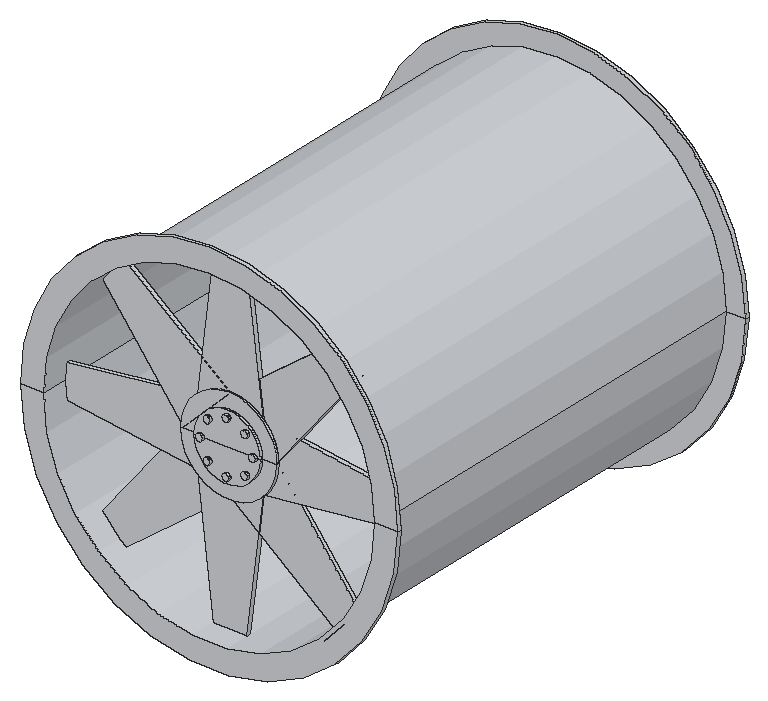
Revit family "CADS_Vent-Axia_MechEquip_Fan_BIFA_500_3Ph4P - SUPPLY", category Mechanical Equipment, Revit 2020
Family settings
  Round Connector Dimension = Use Diameter
  Part Type = Normal
  OmniClass Number = 23.75.00.00
  OmniClass Title = Climate Control (HVAC)
  Work Plane-Based = No
  Always vertical = Yes
  Cut with Voids When Loaded = No
  Shared = No
  Room Calculation Point = No
Parameters (values of type "BIFA503440")
  WorkingPressure = 0.0 Pa
  WarrantyStartDate [instance] = "1900-12-31T23:59:59"
  WarrantyPeriod = ""
  WarrantyIdentifier = "N/A"
  WarrantyGuarantorParts = "tech@vent-axia.com"
  WarrantyGuarantorLabor = "tech@vent-axia.com"
  WarrantyGuarantor = "Vent-Axia Limited"
  WarrantyEndDate [instance] = "1900-12-31T23:59:59"
  WarrantyContent = ""
  TemperatureRange = ""
  TagNumber [instance] = "N/A"
  SustainabilityPerformance = ""
  Status = "New"
  Size = ""
  Shape = ""
  ServiceLifeType = ""
  ServiceLifeDuration = ""
  SerialNumber [instance] = "N/A"
  ReplacementCost = ""
  RatedVoltage = 0 V
  RatedCurrent = 0 A
  Quantity = 1
  ProductionYear = ""
  PressureCurve = ""
  PowerFactor = ""
  PointOfContact = ""
  NumberOfPoles = 0
  NominalWidth = 500 mm
  NominalLength = 660 mm
  NominalHeight = 500 mm
  NominalFrequencyRange = ""
  NominalDiameter = 500 mm
  ModelReference = "BIF 500MM 3PH 4P 40DEG"
  ModelNumber = "BIFA503440"
  Material = ""
  ManufacturerE-Mail = "tech@vent-axia.com"
  ManufacturerAddress = "Fleming Way\nCrawley \nRH10 9YX"
  IsExtendedWarranty = no
  InsulationStandardClass = ""
  InstallationDate [instance] = "1900-12-31T23:59:59"
  IfcExportType [instance] = ""
  IfcExportAs = "IfcFanType"
  IP_Code = ""
  HasProtectiveEarth = no
  GrossWeight = 0.00 kg
  Grade = ""
  GlobalTradeItemNumber [instance] = "N/A"
  Fitting Type = "Ignore"
  Finish = ""
  Features = ""
  ExteriorInsulation = no
  ExpectedServiceLife = 0
  Exclusions = ""
  DurationUnit = "Year"
  Default Elevation = 0 mm
  Constituents = ""
  ConductorFunction = ""
  Color = ""
  CodePerformance = ""
  Category = ""
  CADS_Usage = 0
  CADS_Index = 0
  AssetType = "FIXED"
  AssetIdentifier [instance] = "N/A"
  AssemblyPlace = "UNKNOWN"
  ArticleNumber [instance] = "N/A"
  AirflowRateRange = 0.0 L/s
  Air Flow [instance] = 0.0 L/s
  AccessibilityPerformance = ""
Types (16, lengths in mm): name | ModelReference | ModelNumber
  BIFA503410 | "BIF 500MM 3PH 4P 10DEG" | "BIFA503410"
  BIFA503412 | "BIF 500MM 3PH 4P 12DEG" | "BIFA503412"
  BIFA503414 | "BIF 500MM 3PH 4P 14DEG" | "BIFA503414"
  BIFA503416 | "BIF 500MM 3PH 4P 16DEG" | "BIFA503416"
  BIFA503418 | "BIF 500MM 3PH 4P 18DEG" | "BIFA503418"
  BIFA503420 | "BIF 500MM 3PH 4P 20DEG" | "BIFA503420"
  BIFA503422 | "BIF 500MM 3PH 4P 22DEG" | "BIFA503422"
  BIFA503424 | "BIF 500MM 3PH 4P 24DEG" | "BIFA503424"
  BIFA503426 | "BIF 500MM 3PH 4P 26DEG" | "BIFA503426"
  BIFA503428 | "BIF 500MM 3PH 4P 28DEG" | "BIFA503428"
  BIFA503430 | "BIF 500MM 3PH 4P 30DEG" | "BIFA503430"
  BIFA503432 | "BIF 500MM 3PH 4P 32DEG" | "BIFA503432"
  BIFA503434 | "BIF 500MM 3PH 4P 34DEG" | "BIFA503434"
  BIFA503436 | "BIF 500MM 3PH 4P 36DEG" | "BIFA503436"
  BIFA503438 | "BIF 500MM 3PH 4P 38DEG" | "BIFA503438"
  BIFA503440 | "BIF 500MM 3PH 4P 40DEG" | "BIFA503440"
Reference planes
  plane 1 "Center (Front/Back)": y = 0
  plane 2: z = 0
  plane 3 "Center (Left/Right)": x = 0
  plane 4: x = -250
  plane 5: x = 250
  plane 6 "F": y = -330
  plane 7 "B": y = 330
  plane 8: x = -285
  plane 9: y = 325
  plane 10: y = -325
  plane 11: x = -255
  plane 12: y = -290
Forms (mm)
  Revolve 1, solid
    sketch origin (0, 0, 0) x (1, 0, 0) y (0, 1, 0)
      loop
        line (-285, -330) -> (-250, -330) -> (-250, 330) -> (-285, 330) -> (-285, 325) -> (-255, 325) -> (-255, -325) -> (-285, -325) -> (-285, -330)
      axis (0, 330) -> (0, -330)
    angle from 0 to 360
Dimensions and locks
  equal spacing: plane 4, plane 3 "Center (Left/Right)", plane 5
  equal spacing: plane 7 "B", plane 1 "Center (Front/Back)", plane 6 "F"
  "NominalLength": plane 7 "B" to plane 6 "F"
  "NominalDiameter": plane 4 to plane 5
  locked: plane 11 to plane 4 at 5
  locked: plane 8 to plane 11 at 30
  locked: plane 6 "F" to plane 10 at 5
  locked: plane 7 "B" to plane 9 at 5
  locked: plane 6 "F" to plane 12 at 40
  aligned and locked: level to plane 2
  aligned and locked: nested 1 to plane 12
Automatic sketch dimensions
  plane 6 "F" to Revolve 1 sketch curve = 0 mm
  Revolve 1 sketch curve to plane 8 = 0 mm  (x2)
  plane 10 to Revolve 1 sketch curve = 0 mm
  Revolve 1 sketch curve to plane 11 = 0 mm
  Revolve 1 sketch curve to plane 4 = 0 mm
  Revolve 1 sketch curve to plane 3 "Center (Left/Right)" = 0 mm
  plane 1 "Center (Front/Back)" to Revolve 1 sketch curve = 0 mm
  Revolve 1 sketch curve to plane 9 = 0 mm
  Revolve 1 sketch curve to plane 7 "B" = 0 mm
  plane 6 "F" to Revolve 1 sketch curve = 115 mm
Nested families
  nested 1: "Fan for BIFA" at (0, -290, 0), ND <- "NominalDiameter", type "Fan for BIFA"
    with hub 50 mm, ND 500 mm, BoltPCD 40 mm, Bolt Count 8, B_Diam 10 mm
  nested 2: "Bolts" at (0, -299.172, -40) x (-1, 0, 0) z (0, 1, 0), type "Bolts"
    with bd 10 mm
  nested 3: "Bolts" at (-28.284, -299.172, -28.284) x (-0.7071, 0, 0.7071) z (0, 1, 0), type "Bolts"
    with bd 10 mm
  nested 4: "Bolts" at (-40, -299.172, 0) x (0, 0, 1) z (0, 1, 0), type "Bolts"
    with bd 10 mm
  nested 5: "Bolts" at (-28.284, -299.172, 28.284) x (0.7071, 0, 0.7071) z (0, 1, 0), type "Bolts"
    with bd 10 mm
  nested 6: "Bolts" at (28.284, -299.172, 28.284) x (0.7071, 0, -0.7071) z (0, 1, 0), type "Bolts"
    with bd 10 mm
  nested 7: "Bolts" at (0, -299.172, 40) x (1, 0, 0) z (0, 1, 0), type "Bolts"
    with bd 10 mm
  nested 8: "BIFA Blade" at (0, -290, 0), type "BIFA Blade"
    with a 20.00°, HR 50 mm, HD 100 mm, BT 50 mm, BR 200 mm, BH 40 mm, BD 500 mm, BB 100 mm
  nested 9: "BIFA Blade" at (0, -290, 0) x (0.7071, 0, -0.7071) z (0.7071, 0, 0.7071), type "BIFA Blade"
    with a 20.00°, HR 50 mm, HD 100 mm, BT 50 mm, BR 200 mm, BH 40 mm, BD 500 mm, BB 100 mm
  nested 10: "BIFA Blade" at (0, -290, 0) x (0, 0, -1) z (1, 0, 0), type "BIFA Blade"
    with a 20.00°, HR 50 mm, HD 100 mm, BT 50 mm, BR 200 mm, BH 40 mm, BD 500 mm, BB 100 mm
  nested 11: "BIFA Blade" at (0, -290, 0) x (-0.7071, 0, -0.7071) z (0.7071, 0, -0.7071), type "BIFA Blade"
    with a 20.00°, HR 50 mm, HD 100 mm, BT 50 mm, BR 200 mm, BH 40 mm, BD 500 mm, BB 100 mm
  nested 12: "BIFA Blade" at (0, -290, 0) x (-1, 0, 0) z (0, 0, -1), type "BIFA Blade"
    with a 20.00°, HR 50 mm, HD 100 mm, BT 50 mm, BR 200 mm, BH 40 mm, BD 500 mm, BB 100 mm
  nested 13: "BIFA Blade" at (0, -290, 0) x (-0.7071, 0, -0.7071) z (-0.7071, 0, 0.7071), type "BIFA Blade"
    with a 20.00°, HR 50 mm, HD 100 mm, BT 50 mm, BR 200 mm, BH 40 mm, BD 500 mm, BB 100 mm
  nested 14: "BIFA Blade" at (0, -290, 0) x (0, 0, -1) z (-1, 0, 0), type "BIFA Blade"
    with a 20.00°, HR 50 mm, HD 100 mm, BT 50 mm, BR 200 mm, BH 40 mm, BD 500 mm, BB 100 mm
  nested 15: "BIFA Blade" at (0, -290, 0) x (0.7071, 0, -0.7071) z (-0.7071, 0, -0.7071), type "BIFA Blade"
    with a 20.00°, HR 50 mm, HD 100 mm, BT 50 mm, BR 200 mm, BH 40 mm, BD 500 mm, BB 100 mm
  nested 16: "Bolts" at (40, -299.172, 0) x (0, 0, -1) z (0, 1, 0), type "Bolts"
    with bd 10 mm
  nested 17: "Bolts" at (28.284, -299.172, -28.284) x (-0.7071, 0, -0.7071) z (0, 1, 0), type "Bolts"
    with bd 10 mm
Connectors
  hvac at (0, -330, 0), driven by "NominalDiameter", driven by "Air Flow"
    settings: on Revolve 1, index 1, duct flow 0.0 L/s, flow factor 0, pres drop 0.0 Pa, loss coef 0, conn angle 0.00°, conn width 304.8 mm, conn height 304.8 mm, conn diameter 500 mm, duct sys type 1, conn prof type 0, flow config 1, flow direction 1, loss method 0, conn ref index -1, conn util no, is conn primary yes, conn desc ""
  hvac at (0, 330, 0), driven by "NominalDiameter", driven by "Air Flow"
    settings: on Revolve 1, index 2, duct flow 0.0 L/s, flow factor 0, pres drop 0.0 Pa, loss coef 0, conn angle 0.00°, conn width 304.8 mm, conn height 304.8 mm, conn diameter 500 mm, duct sys type 1, conn prof type 0, flow config 0, flow direction 2, loss method 0, conn ref index -1, conn util no, is conn primary no, conn desc ""
Definition of nested family "Fan for BIFA"
  Parameters (values of type "Fan for BIFA")
    hub [instance] = ND / 10  # 50 mm
    ND [instance] = 500 mm
    Model = "."
    Default Elevation = 0 mm
    BoltPCD [instance] = hub - (hub * 0.2)  # 40 mm
    Bolt Count [instance] = if(hub < 50 mm, 6, 8)  # 8
    B_Diam [instance] = if(hub < 50 mm, 5 mm, 10 mm)  # 10 mm
  Reference planes
    plane 1 "Center (Front/Back)": y = 0
    plane 2: z = 0
    plane 3 "Center (Left/Right)": x = 0
    plane 4 "back": y = 20
    plane 5 "bolts": y = -9.172
    plane 6 "B": z = 50
    plane 7: x = -72.587
    plane 8: x = -50
    plane 9 "hubface": y = -6.172
  Forms (mm)
    Revolve 1, solid
      sketch origin (0, 0, 0) x (1, 0, 0) y (0, 1, 0)
        loop
          line (0, 20) -> (-50, 20) -> (-50, 10.504) -> (-72.587, 10.504) -> (-72.587, -2.597) -> (-50, -2.597) -> (-50, -6.172) -> (0, -6.172) -> (0, 20)
        axis (0, 20) -> (0, -6.172)
      angle from 0 to 360
    Extrusion 2, solid, not visible
      sketch origin (0, -6.347, -4) x (-1, 0, 0) y (0, 0, 1)
        loop
          circle (0, 84) r 5
      from 0 to 3
  Lines and regions (mm)
    symbolic lines
      curve 1: circle (0, -9.172, 0) r 40 normal (0, 1, 0)
    model lines, not visible
      curve 2: line (0, -6.347, 85) -> (0, -6.347, 75)
  Dimensions and locks
    "hub": plane 6 "B" to plane 2
    "hub": nested 3 to plane 3 "Center (Left/Right)"
    "hub": nested 4 to plane 3 "Center (Left/Right)"
    "hub": nested 5 to plane 3 "Center (Left/Right)"
    "hub": plane 3 "Center (Left/Right)" to nested 6
    "hub": Revolve 1 sketch curve to Revolve 1 sketch curve
    "hub": plane 3 "Center (Left/Right)" to nested 7
    "hub": plane 3 "Center (Left/Right)" to nested 8
    "hub": plane 3 "Center (Left/Right)" to nested 9
    "hub": plane 8 to plane 3 "Center (Left/Right)"
    plane 7 to plane 8 = 22.587 mm
    diameter of Extrusion 2 sketch curve = 10 mm
    "BoltPCD": radius of curve 1
    "BoltPCD": radius of radial array
    aligned and locked: level to plane 2
    aligned and locked: plane 6 "B" to nested 1
  Automatic sketch dimensions
    Revolve 1 sketch curve to plane 7 = 0 mm
    Revolve 1 sketch curve to plane 8 = 0 mm  (x2)
    Revolve 1 sketch curve to plane 3 "Center (Left/Right)" = 0 mm
    Revolve 1 sketch curve to plane 9 "hubface" = 0 mm
    plane 4 "back" to Revolve 1 sketch curve = 0 mm
    plane 1 "Center (Front/Back)" to Revolve 1 sketch curve = 2.597 mm
    plane 4 "back" to Revolve 1 sketch curve = 9.496 mm
    plane 4 "back" to Revolve 1 sketch curve = 5 mm
    Revolve 1 sketch curve to Revolve 1 sketch curve = 45 mm
    curve 1 to level = 0 mm
    curve 1 to plane 3 "Center (Left/Right)" = 0 mm
  Nested families
    nested 1: "BIFA Blade" at (0, 0, 25), BD <- "ND", HD <- "hub", type "BIFA Blade"
      with a 20.00°, HR 25 mm, HD 50 mm, BT 25 mm, BR 100 mm, BH 40 mm, BD 250 mm, BB 50 mm
    nested 2: "BIFA Blade" at (0, 0, 55), BD <- "ND", HD <- "hub", type "BIFA Blade", not visible
      with a 20.00°, HR 25 mm, HD 50 mm, BT 25 mm, BR 100 mm, BH 40 mm, BD 250 mm, BB 50 mm
    nested 3: "BIFA Blade" at (17.678, 0, 17.678) x (0.7071, 0, -0.7071) z (0.7071, 0, 0.7071), BD <- "ND", HD <- "hub", type "BIFA Blade"
      with a 20.00°, HR 25 mm, HD 50 mm, BT 25 mm, BR 100 mm, BH 40 mm, BD 250 mm, BB 50 mm
    nested 4: "BIFA Blade" at (25, 0, 0) x (0, 0, -1) z (1, 0, 0), BD <- "ND", HD <- "hub", type "BIFA Blade"
      with a 20.00°, HR 25 mm, HD 50 mm, BT 25 mm, BR 100 mm, BH 40 mm, BD 250 mm, BB 50 mm
    nested 5: "BIFA Blade" at (17.678, 0, -17.678) x (-0.7071, 0, -0.7071) z (0.7071, 0, -0.7071), BD <- "ND", HD <- "hub", type "BIFA Blade"
      with a 20.00°, HR 25 mm, HD 50 mm, BT 25 mm, BR 100 mm, BH 40 mm, BD 250 mm, BB 50 mm
    nested 6: "BIFA Blade" at (0, 0, -25) x (-1, 0, 0) z (0, 0, -1), BD <- "ND", HD <- "hub", type "BIFA Blade"
      with a 20.00°, HR 25 mm, HD 50 mm, BT 25 mm, BR 100 mm, BH 40 mm, BD 250 mm, BB 50 mm
    nested 7: "BIFA Blade" at (-17.678, 0, 17.678) x (-0.7071, 0, -0.7071) z (-0.7071, 0, 0.7071), BD <- "ND", HD <- "hub", type "BIFA Blade"
      with a 20.00°, HR 25 mm, HD 50 mm, BT 25 mm, BR 100 mm, BH 40 mm, BD 250 mm, BB 50 mm
    nested 8: "BIFA Blade" at (-25, 0, 0) x (0, 0, -1) z (-1, 0, 0), BD <- "ND", HD <- "hub", type "BIFA Blade"
      with a 20.00°, HR 25 mm, HD 50 mm, BT 25 mm, BR 100 mm, BH 40 mm, BD 250 mm, BB 50 mm
    nested 9: "BIFA Blade" at (-17.678, 0, -17.678) x (0.7071, 0, -0.7071) z (-0.7071, 0, -0.7071), BD <- "ND", HD <- "hub", type "BIFA Blade"
      with a 20.00°, HR 25 mm, HD 50 mm, BT 25 mm, BR 100 mm, BH 40 mm, BD 250 mm, BB 50 mm
    nested 10: "Bolts" at (0, -9.172, 40) x (1, 0, 0) z (0, 1, 0), bd <- "B_Diam", type "Bolts"
      with bd 10 mm
    nested 11: "Bolts" at (28.284, -9.172, 28.284) x (0.7071, 0, -0.7071) z (0, 1, 0), bd <- "B_Diam", type "Bolts"
      with bd 10 mm
    nested 12: "Bolts" at (-28.284, -9.172, 28.284) x (0.7071, 0, 0.7071) z (0, 1, 0), bd <- "B_Diam", type "Bolts"
      with bd 10 mm
    nested 13: "Bolts" at (-40, -9.172, 0) x (0, 0, 1) z (0, 1, 0), bd <- "B_Diam", type "Bolts"
      with bd 10 mm
    nested 14: "Bolts" at (-28.284, -9.172, -28.284) x (-0.7071, 0, 0.7071) z (0, 1, 0), bd <- "B_Diam", type "Bolts"
      with bd 10 mm
    nested 15: "Bolts" at (0, -9.172, -40) x (-1, 0, 0) z (0, 1, 0), bd <- "B_Diam", type "Bolts"
      with bd 10 mm
    nested 16: "Bolts" at (28.284, -9.172, -28.284) x (-0.7071, 0, -0.7071) z (0, 1, 0), bd <- "B_Diam", type "Bolts"
      with bd 10 mm
    nested 17: "Bolts" at (40, -9.172, 0) x (0, 0, -1) z (0, 1, 0), bd <- "B_Diam", type "Bolts"
      with bd 10 mm
  Definition of nested family "BIFA Blade"
    Parameters (values of type "BIFA Blade")
      a [instance] = 20.00°
      HR [instance] = HD / 2  # 30 mm
      HD [instance] = BD / 5  # 60 mm
      Default Elevation = 1219.2 mm
      BT [instance] = BD / 10  # 30 mm
      BR [instance] = (BD / 2) - HR  # 120 mm
      BH [instance] = 40 mm
      BD [instance] = 300 mm
      BB [instance] = BD / 5  # 60 mm
    Reference planes
      plane 1 "Center (Front/Back)": y = 0
      plane 2: z = 0
      plane 3 "Center (Left/Right)": x = 0
      plane 4 "Blade Bot": z = 30
      plane 5: x = -30
      plane 6: x = 30
      plane 7: x = -15
      plane 8: x = 15
    Forms (mm)
      Blend 1, solid
        base sketch origin (0, 0, 30) x (-1, 0, 0) y (0, -1, 0)
          loop
            line (30, 0) -> (-30, 0) -> (-30, -6) -> (30, -6) -> (30, 0)
        top sketch origin (0, 0, 30) x (-1, 0, 0) y (0, -1, 0)
          loop
            line (15, -6) -> (15, 0) -> (-15, 0) -> (-15, -6) -> (15, -6)
        from 0 to 120 <- "BR"
    Dimensions and locks
      "HR": plane 4 "Blade Bot" to level
      equal spacing: plane 8, plane 3 "Center (Left/Right)", plane 7
      "BT": plane 8 to plane 7
      equal spacing: plane 6, plane 3 "Center (Left/Right)", plane 5
      "BB": plane 6 to plane 5
      aligned and locked: level to plane 2
    Automatic sketch dimensions
      plane 1 "Center (Front/Back)" to Blend 1 sketch curve = 0 mm  (x2)
      Blend 1 sketch curve to plane 6 = 0 mm
      Blend 1 sketch curve to plane 5 = 0 mm
      Blend 1 sketch curve to plane 1 "Center (Front/Back)" = 6 mm  (x2)
      Blend 1 sketch curve to plane 8 = 0 mm
      Blend 1 sketch curve to plane 7 = 0 mm
  Definition of nested family "Bolts"
    Parameters
      bd [instance] = 10 mm
      Default Elevation = 1219.2 mm
    Reference planes
      plane 1 "Center (Front/Back)": y = 0
      plane 2: z = 0
      plane 3 "Center (Left/Right)": x = 0
    Forms (mm)
      Extrusion 1, solid
        sketch origin (0, 0, 0) x (1, 0, 0) y (0, 1, 0)
          loop
            line (-1219.2, 1219.2) -> (-1219.2, -1219.2) -> (1219.2, -1219.2) -> (1219.2, 1219.2) -> (-1219.2, 1219.2)
        from 0 to -304.8
      Extrusion 2, solid
        sketch origin (0, 0, 0) x (1, 0, 0) y (0, 1, 0)
          loop
            circle (0, 0) r 5
        from 0 to 3
    Dimensions and locks
      "bd": diameter of Extrusion 2 sketch curve
      aligned and locked: plane 2 to Extrusion 1
      aligned and locked: level to Extrusion 1
    Automatic sketch dimensions
      Extrusion 1 sketch curve to Extrusion 1 sketch curve = 2438.4 mm  (x2)
      plane 1 "Center (Front/Back)" to Extrusion 2 sketch curve = 0 mm
      Extrusion 2 sketch curve to plane 3 "Center (Left/Right)" = 0 mm
Definition of nested family "Bolts"
  Parameters
    bd [instance] = 10 mm
    Default Elevation = 1219.2 mm
  Reference planes
    plane 1 "Center (Front/Back)": y = 0
    plane 2: z = 0
    plane 3 "Center (Left/Right)": x = 0
  Forms (mm)
    Extrusion 1, solid
      sketch origin (0, 0, 0) x (1, 0, 0) y (0, 1, 0)
        loop
          line (-1219.2, 1219.2) -> (-1219.2, -1219.2) -> (1219.2, -1219.2) -> (1219.2, 1219.2) -> (-1219.2, 1219.2)
      from 0 to -304.8
    Extrusion 2, solid
      sketch origin (0, 0, 0) x (1, 0, 0) y (0, 1, 0)
        loop
          circle (0, 0) r 5
      from 0 to 3
  Dimensions and locks
    "bd": diameter of Extrusion 2 sketch curve
    aligned and locked: plane 2 to Extrusion 1
    aligned and locked: level to Extrusion 1
  Automatic sketch dimensions
    Extrusion 1 sketch curve to Extrusion 1 sketch curve = 2438.4 mm  (x2)
    plane 1 "Center (Front/Back)" to Extrusion 2 sketch curve = 0 mm
    Extrusion 2 sketch curve to plane 3 "Center (Left/Right)" = 0 mm
Definition of nested family "BIFA Blade"
  Parameters (values of type "BIFA Blade")
    a [instance] = 20.00°
    HR [instance] = HD / 2  # 30 mm
    HD [instance] = BD / 5  # 60 mm
    Default Elevation = 1219.2 mm
    BT [instance] = BD / 10  # 30 mm
    BR [instance] = (BD / 2) - HR  # 120 mm
    BH [instance] = 40 mm
    BD [instance] = 300 mm
    BB [instance] = BD / 5  # 60 mm
  Reference planes
    plane 1 "Center (Front/Back)": y = 0
    plane 2: z = 0
    plane 3 "Center (Left/Right)": x = 0
    plane 4 "Blade Bot": z = 30
    plane 5: x = -30
    plane 6: x = 30
    plane 7: x = -15
    plane 8: x = 15
  Forms (mm)
    Blend 1, solid
      base sketch origin (0, 0, 30) x (-1, 0, 0) y (0, -1, 0)
        loop
          line (30, 0) -> (-30, 0) -> (-30, -6) -> (30, -6) -> (30, 0)
      top sketch origin (0, 0, 30) x (-1, 0, 0) y (0, -1, 0)
        loop
          line (15, -6) -> (15, 0) -> (-15, 0) -> (-15, -6) -> (15, -6)
      from 0 to 120 <- "BR"
  Dimensions and locks
    "HR": plane 4 "Blade Bot" to level
    equal spacing: plane 8, plane 3 "Center (Left/Right)", plane 7
    "BT": plane 8 to plane 7
    equal spacing: plane 6, plane 3 "Center (Left/Right)", plane 5
    "BB": plane 6 to plane 5
    aligned and locked: level to plane 2
  Automatic sketch dimensions
    plane 1 "Center (Front/Back)" to Blend 1 sketch curve = 0 mm  (x2)
    Blend 1 sketch curve to plane 6 = 0 mm
    Blend 1 sketch curve to plane 5 = 0 mm
    Blend 1 sketch curve to plane 1 "Center (Front/Back)" = 6 mm  (x2)
    Blend 1 sketch curve to plane 8 = 0 mm
    Blend 1 sketch curve to plane 7 = 0 mm
